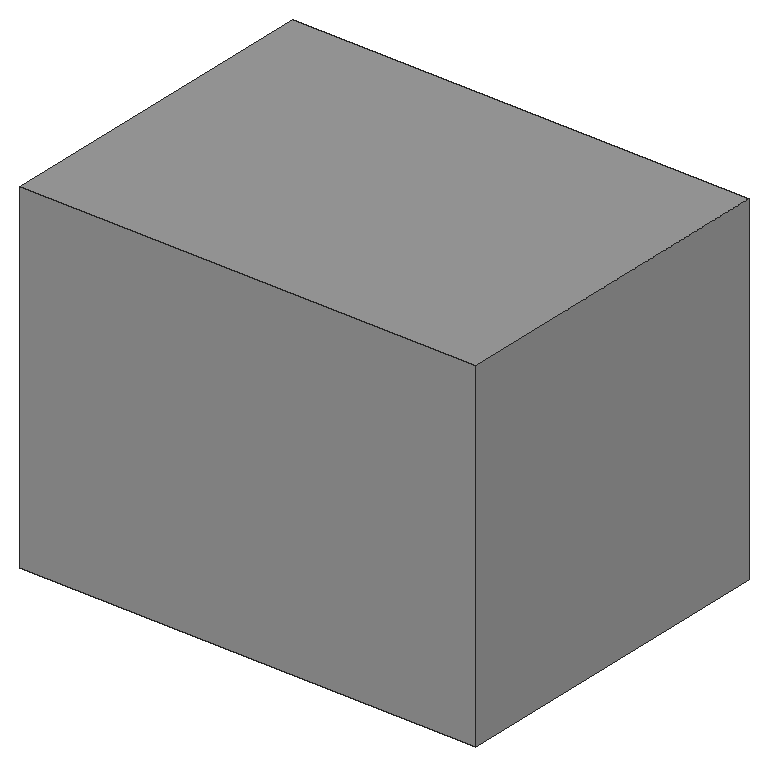
Revit family "Pull Box", category Electrical Fixtures, Revit 2021
Family settings
  Maintain Annotation Orientation = No
  Round Connector Dimension = Use Diameter
  Part Type = Normal
  OmniClass Number = 23.80.00.00
  OmniClass Title = Electric Power and Lighting
  Work Plane-Based = No
  Always vertical = Yes
  Cut with Voids When Loaded = No
  Shared = No
  Room Calculation Point = No
Parameters
  Width [instance] = 40 mm
  SubSquare [instance] = 40 mm
  LargeSquare [instance] = 200 mm
  Height [instance] = 30 mm
  Depth [instance] = 30 mm
  Default Elevation = 0 mm
Reference planes
  plane 1 "Center (Front/Back)": y = 0
  plane 2: z = 0
  plane 3 "Center (Left/Right)": x = 0
  plane 4: y = 15
  plane 5: y = -15
  plane 6: x = -20
  plane 7: x = 20
Forms (mm)
  Extrusion 1, solid, material "Default"
    sketch origin (0, 0, 0) x (1, 0, 0) y (0, 1, 0)
      loop
        line (-20, 15) -> (-20, -15) -> (20, -15) -> (20, 15) -> (-20, 15)
    from -15 to 15
Lines and regions (mm)
  reference lines
    curve 1: line (276.153, 0, 15) -> (-308.847, 0, 15)
    curve 4: line (276.153, 0, -15) -> (-308.847, 0, -15)
  model lines, style "Pull Box Line"
    curve 2: line (-20, 15, 0) -> (20, -15, 0)
    curve 3: line (20, 15, 0) -> (-20, -15, 0)
Dimensions and locks
  equal spacing: plane 6, plane 3 "Center (Left/Right)", plane 7
  "SubSquare": plane 6 to plane 7
  equal spacing: plane 4, plane 1 "Center (Front/Back)", plane 5
  "Width": Extrusion 1 to Extrusion 1
  "Depth": Extrusion 1 to Extrusion 1
  equal spacing: curve 4, level, curve 1
  "Height": Extrusion 1 to Extrusion 1
  aligned and locked: level to plane 2
  aligned and locked: Extrusion 1 sketch curve to plane 4
  aligned and locked: plane 6 to Extrusion 1 sketch curve
  aligned and locked: plane 5 to Extrusion 1 sketch curve
  aligned and locked: Extrusion 1 sketch curve to plane 7
  aligned and locked: Extrusion 1 to curve 1
  aligned and locked: curve 4 to Extrusion 1
Automatic sketch dimensions
  curve 3 to plane 5 = 0 mm
  curve 3 to plane 6 = 0 mm
  curve 2 to plane 4 = 0 mm
  curve 2 to plane 6 = 0 mm
  curve 3 to plane 4 = 0 mm
  curve 3 to plane 7 = 0 mm
  curve 2 to plane 5 = 0 mm
  curve 2 to plane 7 = 0 mm
  level to curve 1 = 15 mm
  curve 1 to plane 6 = 288.847 mm
  curve 1 to curve 4 = 0 mm  (x2)
  plane 7 to curve 4 = 256.153 mm
Connectors
  cabletrayconduit at (0, 0, 15), diameter 16
    settings: on Extrusion 1, index 1, connector width 300 mm, connector height 300 mm, connector angle 0.00°, system type 32, placement type 0, profile type 0, connector reference index -1, is primary connector yes, connector utility param no, connector description "Top"
  cabletrayconduit at (0, 15, 0), diameter 16
    settings: on Extrusion 1, index 2, connector width 300 mm, connector height 300 mm, connector angle 0.00°, system type 32, placement type 0, profile type 0, connector reference index -1, is primary connector no, connector utility param no, connector description "Back"
  cabletrayconduit at (0, -15, 0), diameter 16
    settings: on Extrusion 1, index 3, connector width 300 mm, connector height 300 mm, connector angle 0.00°, system type 32, placement type 0, profile type 0, connector reference index -1, is primary connector no, connector utility param no, connector description "Front"
  cabletrayconduit at (-20, 0, 0), diameter 16
    settings: on Extrusion 1, index 4, connector width 300 mm, connector height 300 mm, connector angle 0.00°, system type 32, placement type 0, profile type 0, connector reference index -1, is primary connector no, connector utility param no, connector description "Left"
  cabletrayconduit at (20, 0, 0), diameter 16
    settings: on Extrusion 1, index 5, connector width 300 mm, connector height 300 mm, connector angle 0.00°, system type 32, placement type 0, profile type 0, connector reference index -1, is primary connector no, connector utility param no, connector description "Right"
  cabletrayconduit at (0, 0, -15), diameter 16
    settings: on Extrusion 1, index 6, connector width 300 mm, connector height 300 mm, connector angle 0.00°, system type 32, placement type 0, profile type 0, connector reference index -1, is primary connector no, connector utility param no, connector description "Bottom"
